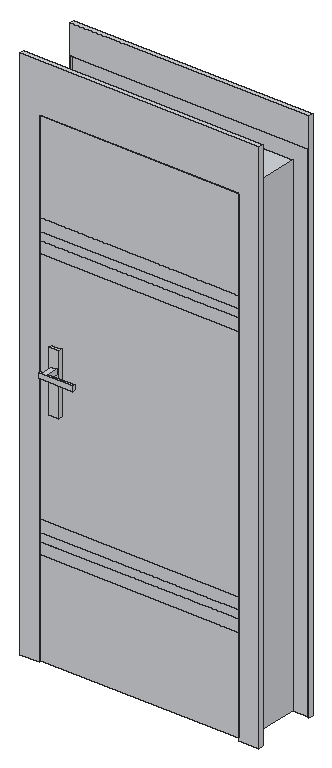
Revit family "Porta_LEVEL_A2", category Drzwi, Revit 2016
Family settings
  Obiekt nadrzędny = Ściana
  Zawsze pionowo = Tak
  Tnij formami wycięć po wczytaniu = Nie
  Współdzielony = Nie
  Punkt obliczania pomieszczeń = Nie
Parameters (values of type "PN 80")
  Wysokość brutto = 2055 mm
  URL = "www.porta.com.pl"
  Szerokość brutto = 880 mm
  Ss = 818 mm
  Producent = "PORTA KMI POLAND"
  Keynote = ""
  Description = ""
  Wysokość = 2016 mm
  Zakończenie ściany = Wg obiektu nadrzędnego
  Szerokość = 802 mm
  Model = "Porta LEVEL"
  Materiał_skrzydło_2 = none
  Materiał_skrzydło_1 [instance] = none
  Materiał_ościeżnica [instance] = none
  Materiał_klamka [instance] = none
  Konstrukcja analityczna = "<Brak>"
  Informacja = "Własność Porta KMI Poland, wszelkie prawa zastrzeżone."  # constant formula
  Hs = 2017 mm
  Funkcja = Wewnętrzna
Reference planes
  plane 1: y = 0
  plane 2 "Środek (Lewa/Prawa)": x = 0
  plane 3 "Lewy": x = -440
  plane 4 "Prawy": x = 440
  plane 5: z = 2055
  plane 6 "Zewnętrzna": y = 120
  plane 7 "Wewnętrzna": y = -120
  plane 8: x = -401
  plane 9: y = -138.9
  plane 10: x = -494.4
  plane 11: x = 494.4
Forms (mm)
  Sweep 1, solid, material <- "Materiał_ościeżnica"
    path in 3D
      loop
        line (-440, -120, 0) -> (-440, -120, 2055) -> (440, -120, 2055) -> (440, -120, 0)
    profile origin (-440, -120, 1027.5) x (0, -1, 0) y (1, 0, 0)
      loop
        line (-240, -54.4) -> (-240, -49.7) -> (-243.2, -49.7) -> (-243.2, 16.3) -> (3.2, 16.3) -> (3.2, -49.7) -> (0, -49.7) -> (0, -54.4) -> (18.9, -54.4) -> (18.9, 27) -> (-26.7, 27) -> (-26.7, 39) -> (-243.2, 39) -> (-243.2, 27) -> (-258.9, 27) -> (-258.9, -54.4) -> (-240, -54.4)
  Extrusion 2, solid, material <- "Materiał_ościeżnica"
    sketch origin (-359, -94.5, 2024.974) x (0, 0, -1) y (0, -1, 0)
      loop
        line (-203.026, -233.4) -> (-84.426, -233.4) -> (-84.426, -214.5) -> (-203.026, -214.5) -> (-203.026, -233.4)
    from -853.4 to 135.4
  Extrusion 3, solid, material <- "Materiał_ościeżnica"
    sketch origin (-359, -94.5, 2024.974) x (0, 0, -1) y (0, -1, 0)
      loop
        line (-203.026, 44.4) -> (-203.026, 25.5) -> (-84.426, 25.5) -> (-84.426, 44.4) -> (-203.026, 44.4)
    from -853.4 to 135.4
Cuts and joins
  joined: Sweep 1, Extrusion 2, Extrusion 3
Lines and regions (mm)
  Opening 1
    outline origin (-3050, -120, 0) x (1, 0, 0) y (0, 0, 1)
      loop
        line (2610, 0) -> (3490, 0) -> (3490, 2055) -> (2610, 2055) -> (2610, 0)
  sketch lines
    curve 1: line (-440, -120, 0) -> (-440, -120, 2055)
    curve 2: line (-440, -120, 2055) -> (440, -120, 2055)
    curve 3: line (440, -120, 2055) -> (440, -120, 0)
  symbolic lines, style "DoorsPanelProjection"
    curve 4: line (409, -120, 0) -> (409, -938, 0)
    curve 5: line (409, -938, 0) -> (369, -938, 0)
    curve 6: line (369, -938, 0) -> (369, -120, 0)
    curve 7: line (369, -120, 0) -> (409, -120, 0)
  symbolic lines, style "Ugięcie rzutu"
    curve 8: arc (-409, -120, 0) -> (-169.413, -698.413, 0) -> (409, -938, 0) r 818
Text (mm)
  text "Zewnętrzna" at (-2295.016, 1099.543, 0), in view "Poziom odniesienia"
  text "Zewnętrzna" at (0, 1615.38, 3698.081), in view "Lewy"
  text "Zewnętrzna" at (0, 1036.032, 3874.932), in view "Prawy"
Dimensions and locks
  equal spacing: plane 3 "Lewy", plane 2 "Środek (Lewa/Prawa)", plane 4 "Prawy"
  "Szerokość brutto": plane 3 "Lewy" to plane 4 "Prawy"
  "Wysokość brutto": plane 5 to host wall
  host wall to plane 5 = 2055 mm  (x2)
  locked: plane 6 "Zewnętrzna" to host wall at 0
  locked: plane 7 "Wewnętrzna" to host wall
  locked: curve 6 to curve 4 at 40
  "Ss": curve 5 to curve 7
  equal spacing: curve 8, plane 2 "Środek (Lewa/Prawa)", curve 4
  equal spacing: nested 1, plane 2 "Środek (Lewa/Prawa)", nested 1
  locked: nested 1 to level at 8
  locked: plane 3 "Lewy" to plane 8 at 39
  locked: plane 6 "Zewnętrzna" to Sweep 1 sketch curve at 18.9
  locked: profile plane to Sweep 1 sketch curve at 27
  locked: Sweep 1 sketch curve to plane 8 at 22.7
  locked: Sweep 1 sketch curve to profile plane at 26.7
  locked: profile plane to Sweep 1 sketch curve at 18.9
  locked: Sweep 1 sketch curve to profile plane at 54.4  (x2)
  locked: plane 9 to host wall at 18.9
  locked: plane 10 to plane 3 "Lewy" at 54.4
  locked: plane 4 "Prawy" to plane 11 at 54.4
  aligned and locked: plane 3 "Lewy" to Opening 1 sketch curve
  aligned and locked: plane 5 to Opening 1 sketch curve  (x2)
  aligned and locked: Opening 1 sketch curve to plane 4 "Prawy"
  aligned and locked: Opening 1 sketch curve to level
  aligned and locked: plane 1 to host wall
  aligned and locked: plane 7 "Wewnętrzna" to curve 7
  aligned and locked: Sweep 1 sketch curve to plane 6 "Zewnętrzna"
  aligned and locked: Sweep 1 sketch curve to profile plane
  aligned and locked: Sweep 1 sketch curve to plane 8
  aligned and locked: nested 1 to plane 9
  aligned and locked: Extrusion 2 sketch curve to Sweep 1  (x2)
  aligned and locked: host wall to Extrusion 2 sketch curve
  aligned and locked: Extrusion 3 sketch curve to plane 9
  aligned and locked: host wall to Extrusion 3 sketch curve
  aligned and locked: Extrusion 3 sketch curve to Sweep 1
  aligned and locked: Extrusion 3 sketch curve to Extrusion 2
  aligned and locked: plane 11 to Extrusion 3
  aligned and locked: plane 10 to Extrusion 3
  aligned and locked: plane 11 to Extrusion 2
  aligned and locked: plane 10 to Extrusion 2
Automatic sketch dimensions
  curve 8 to host wall = 0 mm
  Sweep 1 sketch curve to Sweep 1 sketch curve = 0 mm
  Sweep 1 sketch curve to Sweep 1 sketch curve = 3.2 mm
  Sweep 1 sketch curve to Sweep 1 sketch curve = 15.7 mm
  Sweep 1 sketch curve to Sweep 1 sketch curve = 4.7 mm  (x2)
  Sweep 1 sketch curve to Sweep 1 sketch curve = 10.7 mm
  Extrusion 2 sketch curve to plane 5 = 173 mm
Nested families
  nested 1: "skrzydło" at (0, -105.4, 0), type "skrzydło"
Definition of nested family "skrzydło"
  Parameters
    Ss = 818 mm
    Materiał_skrzydło_2 = none
    Materiał_skrzydło_1 = none
    Materiał_klamka = none
    Assembly Code = ""
    Hs = 2017 mm
  Reference planes
    plane 1 "Tył": y = 6.5
    plane 2: z = 0
    plane 3 "Środek (Lewa/Prawa)": x = 0
    plane 4 "Lewa": x = -409
    plane 5 "Prawa": x = 409
    plane 6 "Przód": y = -33.5
    plane 7: z = 2025
    plane 8 "Centrum": y = -13.5
    plane 9: z = 8
  Forms (mm)
    Extrusion 1, solid, material <- "Materiał_skrzydło_1"
      sketch origin (0, -33.5, 0) x (-1, 0, 0) y (0, 0, 1)
        loop
          line (409, 399) -> (-409, 399) -> (-409, 8) -> (409, 8) -> (409, 399)
      from 0 to 40
    Extrusion 2, solid, material <- "Materiał_skrzydło_2"
      sketch origin (-2140.117, -33.5, 1200) x (-1, 0, 0) y (0, 0, 1)
        loop
          line (-1731.117, -751) -> (-2549.117, -751) -> (-2549.117, -801) -> (-1731.117, -801) -> (-1731.117, -751)
      from 0 to 40
    Extrusion 3, solid, material <- "Materiał_skrzydło_1"
      sketch origin (-2140.117, -33.5, 1200) x (-1, 0, 0) y (0, 0, 1)
        loop
          line (-1731.117, -718) -> (-2549.117, -718) -> (-2549.117, -751) -> (-1731.117, -751) -> (-1731.117, -718)
      from 0 to 40
    Extrusion 4, solid, material <- "Materiał_skrzydło_2"
      sketch origin (-2140.117, -33.5, 1200) x (-1, 0, 0) y (0, 0, 1)
        loop
          line (-1731.117, -668) -> (-2549.117, -668) -> (-2549.117, -718) -> (-1731.117, -718) -> (-1731.117, -668)
      from 0 to 40
    Extrusion 5, solid, material <- "Materiał_skrzydło_1"
      sketch origin (-2140.117, -33.5, 1200) x (-1, 0, 0) y (0, 0, 1)
        loop
          line (-1731.117, 825) -> (-2549.117, 825) -> (-2549.117, 447) -> (-1731.117, 447) -> (-1731.117, 825)
      from 0 to 40
    Extrusion 6, solid, material <- "Materiał_skrzydło_2"
      sketch origin (-2140.117, -33.5, 1200) x (-1, 0, 0) y (0, 0, 1)
        loop
          line (-1731.117, 447) -> (-2549.117, 447) -> (-2549.117, 397) -> (-1731.117, 397) -> (-1731.117, 447)
      from 0 to 40
    Extrusion 7, solid, material <- "Materiał_skrzydło_1"
      sketch origin (-2140.117, -33.5, 1200) x (-1, 0, 0) y (0, 0, 1)
        loop
          line (-1731.117, 397) -> (-2549.117, 397) -> (-2549.117, 364) -> (-1731.117, 364) -> (-1731.117, 397)
      from 0 to 40
    Extrusion 8, solid, material <- "Materiał_skrzydło_2"
      sketch origin (-2140.117, -33.5, 1200) x (-1, 0, 0) y (0, 0, 1)
        loop
          line (-1731.117, 364) -> (-2549.117, 364) -> (-2549.117, 314) -> (-1731.117, 314) -> (-1731.117, 364)
      from 0 to 40
    Extrusion 9, solid, material <- "Materiał_skrzydło_1"
      sketch origin (-2140.117, -33.5, 1200) x (-1, 0, 0) y (0, 0, 1)
        loop
          line (-1731.117, 314) -> (-2549.117, 314) -> (-2549.117, -668) -> (-1731.117, -668) -> (-1731.117, 314)
      from 0 to 40
  Dimensions and locks
    equal spacing: plane 4 "Lewa", plane 3 "Środek (Lewa/Prawa)", plane 5 "Prawa"
    "Ss": plane 4 "Lewa" to plane 5 "Prawa"
    locked: plane 9 to level at 8
    "Hs": plane 7 to plane 9
    locked: nested 1 to plane 9 at 934
    locked: plane 9 to nested 3 at 934
    equal spacing: plane 6 "Przód", plane 8 "Centrum", plane 1 "Tył"
    aligned and locked: Extrusion 1 sketch curve to plane 9
    aligned and locked: nested 1 to plane 6 "Przód"
    aligned and locked: Extrusion 1 sketch curve to plane 5 "Prawa"
    aligned and locked: Extrusion 1 sketch curve to plane 4 "Lewa"
    aligned and locked: plane 3 "Środek (Lewa/Prawa)" to nested 2
    aligned and locked: plane 4 "Lewa" to Extrusion 2 sketch curve
    aligned and locked: plane 5 "Prawa" to Extrusion 2 sketch curve
    aligned and locked: plane 4 "Lewa" to Extrusion 3 sketch curve
    aligned: Extrusion 3 sketch curve to Extrusion 2
    aligned and locked: plane 5 "Prawa" to Extrusion 3 sketch curve
    aligned and locked: plane 4 "Lewa" to Extrusion 4 sketch curve
    aligned and locked: plane 5 "Prawa" to Extrusion 4 sketch curve
    aligned and locked: plane 4 "Lewa" to Extrusion 5 sketch curve
    aligned and locked: plane 7 to Extrusion 5 sketch curve
    aligned and locked: plane 5 "Prawa" to Extrusion 5 sketch curve
    aligned and locked: plane 4 "Lewa" to Extrusion 6 sketch curve
    aligned and locked: plane 5 "Prawa" to Extrusion 6 sketch curve
    aligned and locked: Extrusion 6 sketch curve to Extrusion 5
    aligned and locked: plane 4 "Lewa" to Extrusion 7 sketch curve
    aligned and locked: plane 5 "Prawa" to Extrusion 7 sketch curve
    aligned and locked: Extrusion 7 sketch curve to Extrusion 6
    aligned and locked: plane 4 "Lewa" to Extrusion 8 sketch curve
    aligned and locked: plane 5 "Prawa" to Extrusion 8 sketch curve
    aligned and locked: Extrusion 8 sketch curve to Extrusion 7
    aligned and locked: plane 4 "Lewa" to Extrusion 9 sketch curve
    aligned and locked: plane 5 "Prawa" to Extrusion 9 sketch curve
    aligned and locked: Extrusion 9 sketch curve to Extrusion 8
    aligned and locked: Extrusion 9 sketch curve to Extrusion 4
  Automatic sketch dimensions
    Extrusion 2 sketch curve to Extrusion 2 sketch curve = 50 mm
    Extrusion 4 sketch curve to Extrusion 4 sketch curve = 50 mm
    Extrusion 1 sketch curve to Extrusion 1 sketch curve = 391 mm
    plane 9 to Extrusion 2 sketch curve = 391 mm
    plane 9 to Extrusion 3 sketch curve = 441 mm
    Extrusion 3 sketch curve to Extrusion 3 sketch curve = 33 mm
    Extrusion 4 sketch curve to plane 7 = 1543 mm
    Extrusion 5 sketch curve to plane 7 = 378 mm
    Extrusion 6 sketch curve to Extrusion 6 sketch curve = 50 mm
    Extrusion 7 sketch curve to Extrusion 7 sketch curve = 33 mm
    Extrusion 8 sketch curve to Extrusion 8 sketch curve = 50 mm
  Nested families
    nested 1: "KLAMKA" at (-341, -33.5, 1067), Materiał klamki <- "Materiał_klamka", type "KLAMKA"
      with Materiał klamki none
    nested 2: "logo_porta" at (0, 6.5, 110) x (1, 0, 0) z (0, -1, 0), type "logo_porta"
    nested 3: "KLAMKA" at (-341, 6.5, 1067), Materiał klamki <- "Materiał_klamka", type "KLAMKA"
      with Materiał klamki none
  Definition of nested family "KLAMKA"
    Parameters
      Materiał klamki [instance] = none
      Assembly Code = ""
      Default Elevation = 1219.2 mm
    Reference planes
      plane 1 "Center (Front/Back)": y = 0
      plane 2: z = 0
      plane 3 "Center (Left/Right)": x = 0
      plane 4: z = 125
      plane 5: z = -125
      plane 6: x = 20
      plane 7: x = -20
      plane 8: y = -70
      plane 9: y = -60
      plane 10: x = 10
      plane 11: x = -10
      plane 12: x = 120
      plane 13: z = 35
      plane 14: z = 55
      plane 15: y = -15
    Forms (mm)
      Extrusion 1, solid, material <- "Materiał klamki"
        sketch origin (0, 0, 0) x (1, 0, 0) y (0, 0, 1)
          loop
            line (-20, 125) -> (-20, -125) -> (20, -125) -> (20, 125) -> (-20, 125)
        from 0 to 15
      Extrusion 2, solid, material <- "Materiał klamki"
        sketch origin (0, 0, 0) x (1, 0, 0) y (0, 1, 0)
          loop
            line (-10, -15) -> (-10, -60) -> (-20, -60) -> (-20, -70) -> (120, -70) -> (120, -60) -> (10, -60) -> (10, -15) -> (-10, -15)
        from 35 to 55
    Dimensions and locks
      equal spacing: plane 4, plane 2, plane 5
      plane 4 to plane 5 = 250 mm
      equal spacing: plane 7, plane 3 "Center (Left/Right)", plane 6
      plane 7 to plane 6 = 40 mm
      plane 8 to plane 1 "Center (Front/Back)" = 70 mm
      plane 11 to plane 3 "Center (Left/Right)" to plane 10 = 10 mm locked, 10 mm locked
      plane 7 to plane 12 = 140 mm
      plane 15 to plane 1 "Center (Front/Back)" = 15 mm
      aligned and locked: plane 7 to Extrusion 1 sketch curve
      aligned and locked: Extrusion 1 sketch curve to plane 4
      aligned and locked: plane 5 to Extrusion 1 sketch curve
      aligned and locked: Extrusion 1 sketch curve to plane 6
      aligned and locked: plane 15 to Extrusion 1
      aligned and locked: Extrusion 1 to plane 1 "Center (Front/Back)"
      aligned and locked: plane 14 to Extrusion 2
      aligned and locked: Extrusion 2 to plane 13
    Automatic sketch dimensions
      Extrusion 2 sketch curve to plane 7 = 0 mm
      Extrusion 2 sketch curve to plane 9 = 0 mm  (x2)
      Extrusion 2 sketch curve to plane 11 = 0 mm
      Extrusion 2 sketch curve to plane 10 = 0 mm
      Extrusion 2 sketch curve to plane 12 = 0 mm
      Extrusion 2 sketch curve to plane 8 = 0 mm
      Extrusion 2 sketch curve to plane 15 = 0 mm
  Definition of nested family "logo_porta"
    Reference planes
      plane 1 "Środek (Przód/Tył)": y = 0
      plane 2: z = 0
      plane 3 "Środek (Lewa/Prawa)": x = 0
